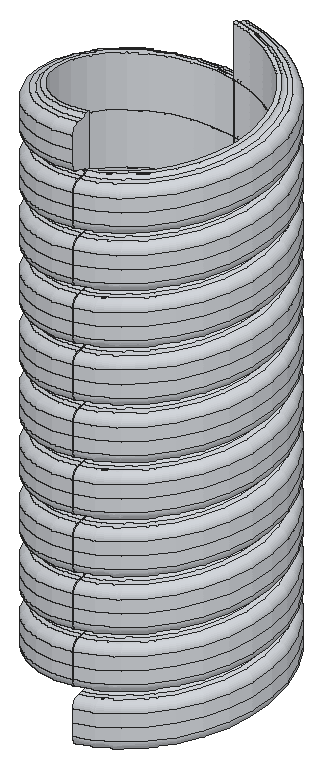
Revit family "110611-00019 Муфта соединительная резьбовая ССД-Пайп 75 мм", category Обобщенные модели, Revit 2019
Family settings
  Может служить основой для арматурных стержней = Нет
  Размер круглого соединителя = Использовать диаметр
  Тип детали = Нормальный
  На основе рабочей плоскости = Нет
  Всегда вертикально = Да
  При загрузке вырезать с полостями = Нет
  Общий = Нет
  Точка расчета площади = Нет
Parameters (values of type "Муфта соединительная резьбовая ССД-Пайп 75 мм")
  Сертификат соответствия = "https://www.ssd.ru/upload/iblock/135/dg0dveb2bt5742u03x0awkefi1rhom8y/ssoot_1302705.pdf"
  Материал = "ПНД"
  Масса бухты, кг = "0,0946"
  Тип соединения = "Резьбовое"
  ADSK_Ссылка на сайт = "https://www.ssd.ru/mufta-soedinitelnaya-rezbovaya-ssd-payp-75-mm"
  ADSK_Наименование = "Муфта соединительная резьбовая ССД-Пайп 75 мм"
  ADSK_Марка = "ССД-Пайп"
  ADSK_Код изделия = "110611-00019"
  ADSK_Изготовитель = "АО \"СВЯЗЬСТРОЙДЕТАЛЬ\""
  ADSK_Диаметр наружный = 83.4 mm
  ADSK_Диаметр внутренний = 68 mm
Reference planes
  plane 1 "По центру (Вперед/Назад)": y = 0
  plane 2: z = 0
  plane 3 "По центру (Влево/Вправо)": x = 0
  plane 4: x = -41.7
  plane 5: x = 41.7
  plane 6: y = 41.7
  plane 7: y = -41.7
  plane 8: x = -34
  plane 9: x = 34
  plane 10: y = 34
  plane 11: y = -34
Forms (mm)
  SweptBlend 1, solid
    path origin (0, 0, -223.095) x (0, 1, 0) y (-1, 0, 0)
      loop
        arc (25.5, 0) -> (0, 25.5) -> (-25.5, 0) r 25.5
    profile origin (0, 25.5, -223.095) x (0, -1, 0) y (0, 0, 1)
      loop
        line (-8.5, 46.577) -> (-10, 46.577)
        arc (-10, 46.577) -> (-10.596, 45.798) -> (-11.491, 45.396) r 2
        line (-11.491, 45.396) -> (-13.349, 45.068)
        arc (-13.349, 45.068) -> (-15.393, 43.888) -> (-16.2, 41.67) r 3.451
        line (-16.2, 41.67) -> (-16.2, 36.927) -> (-16.2, 32.184)
        arc (-16.2, 32.184) -> (-15.393, 29.966) -> (-13.349, 28.786) r 3.451
        line (-13.349, 28.786) -> (-11.491, 28.458)
        arc (-11.491, 28.458) -> (-10.596, 28.056) -> (-10, 27.277) r 2
        line (-10, 27.277) -> (-8.5, 27.277) -> (-8.5, 46.577)
    end profile origin (0, -25.5, -223.095) x (0, 1, 0) y (0, 0, 1)
      loop
        line (-8.5, 65.877) -> (-10, 65.877)
        arc (-10, 65.877) -> (-10.596, 65.098) -> (-11.491, 64.696) r 2
        line (-11.491, 64.696) -> (-13.349, 64.368)
        arc (-13.349, 64.368) -> (-15.393, 63.188) -> (-16.2, 60.97) r 3.451
        line (-16.2, 60.97) -> (-16.2, 56.227) -> (-16.2, 51.484)
        arc (-16.2, 51.484) -> (-15.393, 49.266) -> (-13.349, 48.086) r 3.451
        line (-13.349, 48.086) -> (-11.491, 47.758)
        arc (-11.491, 47.758) -> (-10.596, 47.356) -> (-10, 46.577) r 2
        line (-10, 46.577) -> (-8.5, 46.577) -> (-8.5, 65.877)
  SweptBlend 2, solid
    path origin (0, 0, -223.095) x (0, -1, 0) y (1, 0, 0)
      loop
        arc (25.5, 0) -> (0, 25.5) -> (-25.5, 0) r 25.5
    profile origin (0, -25.5, -223.095) x (0, 1, 0) y (0, 0, 1)
      loop
        line (-8.5, 46.577) -> (-10, 46.577)
        arc (-10, 46.577) -> (-10.596, 45.798) -> (-11.491, 45.396) r 2
        line (-11.491, 45.396) -> (-13.349, 45.068)
        arc (-13.349, 45.068) -> (-15.393, 43.888) -> (-16.2, 41.67) r 3.451
        line (-16.2, 41.67) -> (-16.2, 36.927) -> (-16.2, 32.184)
        arc (-16.2, 32.184) -> (-15.393, 29.966) -> (-13.349, 28.786) r 3.451
        line (-13.349, 28.786) -> (-11.491, 28.458)
        arc (-11.491, 28.458) -> (-10.596, 28.056) -> (-10, 27.277) r 2
        line (-10, 27.277) -> (-8.5, 27.277) -> (-8.5, 46.577)
    end profile origin (0, 25.5, -223.095) x (0, -1, 0) y (0, 0, 1)
      loop
        line (-8.5, 65.877) -> (-10, 65.877)
        arc (-10, 65.877) -> (-10.596, 65.098) -> (-11.491, 64.696) r 2
        line (-11.491, 64.696) -> (-13.349, 64.368)
        arc (-13.349, 64.368) -> (-15.393, 63.188) -> (-16.2, 60.97) r 3.451
        line (-16.2, 60.97) -> (-16.2, 56.227) -> (-16.2, 51.484)
        arc (-16.2, 51.484) -> (-15.393, 49.266) -> (-13.349, 48.086) r 3.451
        line (-13.349, 48.086) -> (-11.491, 47.758)
        arc (-11.491, 47.758) -> (-10.596, 47.356) -> (-10, 46.577) r 2
        line (-10, 46.577) -> (-8.5, 46.577) -> (-8.5, 65.877)
  SweptBlend 3, solid, not visible
    path origin (0, 0, 63.929) x (0, 1, 0) y (-1, 0, 0)
      loop
        arc (25.5, 0) -> (0, 25.5) -> (-25.5, 0) r 25.5
    profile origin (0, 25.5, 63.929) x (0, -1, 0) y (0, 0, 1)
      loop
        line (-8.5, 46.577) -> (-10, 46.577)
        arc (-10, 46.577) -> (-10.596, 45.798) -> (-11.491, 45.396) r 2
        line (-11.491, 45.396) -> (-13.349, 45.068)
        arc (-13.349, 45.068) -> (-15.393, 43.888) -> (-16.2, 41.67) r 3.451
        line (-16.2, 41.67) -> (-16.2, 36.927) -> (-16.2, 32.184)
        arc (-16.2, 32.184) -> (-15.393, 29.966) -> (-13.349, 28.786) r 3.451
        line (-13.349, 28.786) -> (-11.491, 28.458)
        arc (-11.491, 28.458) -> (-10.596, 28.056) -> (-10, 27.277) r 2
        line (-10, 27.277) -> (-8.5, 27.277) -> (-8.5, 46.577)
    end profile origin (0, -25.5, 63.929) x (0, 1, 0) y (0, 0, 1)
      loop
        line (-8.5, 65.877) -> (-10, 65.877)
        arc (-10, 65.877) -> (-10.596, 65.098) -> (-11.491, 64.696) r 2
        line (-11.491, 64.696) -> (-13.349, 64.368)
        arc (-13.349, 64.368) -> (-15.393, 63.188) -> (-16.2, 60.97) r 3.451
        line (-16.2, 60.97) -> (-16.2, 56.227) -> (-16.2, 51.484)
        arc (-16.2, 51.484) -> (-15.393, 49.266) -> (-13.349, 48.086) r 3.451
        line (-13.349, 48.086) -> (-11.491, 47.758)
        arc (-11.491, 47.758) -> (-10.596, 47.356) -> (-10, 46.577) r 2
        line (-10, 46.577) -> (-8.5, 46.577) -> (-8.5, 65.877)
  SweptBlend 4, solid, not visible
    path origin (0, 0, 63.929) x (0, -1, 0) y (1, 0, 0)
      loop
        arc (25.5, 0) -> (0, 25.5) -> (-25.5, 0) r 25.5
    profile origin (0, -25.5, 63.929) x (0, 1, 0) y (0, 0, 1)
      loop
        line (-8.5, 46.577) -> (-10, 46.577)
        arc (-10, 46.577) -> (-10.596, 45.798) -> (-11.491, 45.396) r 2
        line (-11.491, 45.396) -> (-13.349, 45.068)
        arc (-13.349, 45.068) -> (-15.393, 43.888) -> (-16.2, 41.67) r 3.451
        line (-16.2, 41.67) -> (-16.2, 36.927) -> (-16.2, 32.184)
        arc (-16.2, 32.184) -> (-15.393, 29.966) -> (-13.349, 28.786) r 3.451
        line (-13.349, 28.786) -> (-11.491, 28.458)
        arc (-11.491, 28.458) -> (-10.596, 28.056) -> (-10, 27.277) r 2
        line (-10, 27.277) -> (-8.5, 27.277) -> (-8.5, 46.577)
    end profile origin (0, 25.5, 63.929) x (0, -1, 0) y (0, 0, 1)
      loop
        line (-8.5, 65.877) -> (-10, 65.877)
        arc (-10, 65.877) -> (-10.596, 65.098) -> (-11.491, 64.696) r 2
        line (-11.491, 64.696) -> (-13.349, 64.368)
        arc (-13.349, 64.368) -> (-15.393, 63.188) -> (-16.2, 60.97) r 3.451
        line (-16.2, 60.97) -> (-16.2, 56.227) -> (-16.2, 51.484)
        arc (-16.2, 51.484) -> (-15.393, 49.266) -> (-13.349, 48.086) r 3.451
        line (-13.349, 48.086) -> (-11.491, 47.758)
        arc (-11.491, 47.758) -> (-10.596, 47.356) -> (-10, 46.577) r 2
        line (-10, 46.577) -> (-8.5, 46.577) -> (-8.5, 65.877)
  SweptBlend 5, solid
    path origin (0, 0, -203.795) x (0, 1, 0) y (-1, 0, 0)
      loop
        arc (25.5, 0) -> (0, 25.5) -> (-25.5, 0) r 25.5
    profile origin (0, 25.5, -203.795) x (0, -1, 0) y (0, 0, 1)
      loop
        line (-8.5, 46.577) -> (-10, 46.577)
        arc (-10, 46.577) -> (-10.596, 45.798) -> (-11.491, 45.396) r 2
        line (-11.491, 45.396) -> (-13.349, 45.068)
        arc (-13.349, 45.068) -> (-15.393, 43.888) -> (-16.2, 41.67) r 3.451
        line (-16.2, 41.67) -> (-16.2, 36.927) -> (-16.2, 32.184)
        arc (-16.2, 32.184) -> (-15.393, 29.966) -> (-13.349, 28.786) r 3.451
        line (-13.349, 28.786) -> (-11.491, 28.458)
        arc (-11.491, 28.458) -> (-10.596, 28.056) -> (-10, 27.277) r 2
        line (-10, 27.277) -> (-8.5, 27.277) -> (-8.5, 46.577)
    end profile origin (0, -25.5, -203.795) x (0, 1, 0) y (0, 0, 1)
      loop
        line (-8.5, 65.877) -> (-10, 65.877)
        arc (-10, 65.877) -> (-10.596, 65.098) -> (-11.491, 64.696) r 2
        line (-11.491, 64.696) -> (-13.349, 64.368)
        arc (-13.349, 64.368) -> (-15.393, 63.188) -> (-16.2, 60.97) r 3.451
        line (-16.2, 60.97) -> (-16.2, 56.227) -> (-16.2, 51.484)
        arc (-16.2, 51.484) -> (-15.393, 49.266) -> (-13.349, 48.086) r 3.451
        line (-13.349, 48.086) -> (-11.491, 47.758)
        arc (-11.491, 47.758) -> (-10.596, 47.356) -> (-10, 46.577) r 2
        line (-10, 46.577) -> (-8.5, 46.577) -> (-8.5, 65.877)
  SweptBlend 6, solid
    path origin (0, 0, -203.795) x (0, -1, 0) y (1, 0, 0)
      loop
        arc (25.5, 0) -> (0, 25.5) -> (-25.5, 0) r 25.5
    profile origin (0, -25.5, -203.795) x (0, 1, 0) y (0, 0, 1)
      loop
        line (-8.5, 46.577) -> (-10, 46.577)
        arc (-10, 46.577) -> (-10.596, 45.798) -> (-11.491, 45.396) r 2
        line (-11.491, 45.396) -> (-13.349, 45.068)
        arc (-13.349, 45.068) -> (-15.393, 43.888) -> (-16.2, 41.67) r 3.451
        line (-16.2, 41.67) -> (-16.2, 36.927) -> (-16.2, 32.184)
        arc (-16.2, 32.184) -> (-15.393, 29.966) -> (-13.349, 28.786) r 3.451
        line (-13.349, 28.786) -> (-11.491, 28.458)
        arc (-11.491, 28.458) -> (-10.596, 28.056) -> (-10, 27.277) r 2
        line (-10, 27.277) -> (-8.5, 27.277) -> (-8.5, 46.577)
    end profile origin (0, 25.5, -203.795) x (0, -1, 0) y (0, 0, 1)
      loop
        line (-8.5, 65.877) -> (-10, 65.877)
        arc (-10, 65.877) -> (-10.596, 65.098) -> (-11.491, 64.696) r 2
        line (-11.491, 64.696) -> (-13.349, 64.368)
        arc (-13.349, 64.368) -> (-15.393, 63.188) -> (-16.2, 60.97) r 3.451
        line (-16.2, 60.97) -> (-16.2, 56.227) -> (-16.2, 51.484)
        arc (-16.2, 51.484) -> (-15.393, 49.266) -> (-13.349, 48.086) r 3.451
        line (-13.349, 48.086) -> (-11.491, 47.758)
        arc (-11.491, 47.758) -> (-10.596, 47.356) -> (-10, 46.577) r 2
        line (-10, 46.577) -> (-8.5, 46.577) -> (-8.5, 65.877)
  SweptBlend 7, solid
    path origin (0, 0, -184.495) x (0, 1, 0) y (-1, 0, 0)
      loop
        arc (25.5, 0) -> (0, 25.5) -> (-25.5, 0) r 25.5
    profile origin (0, 25.5, -184.495) x (0, -1, 0) y (0, 0, 1)
      loop
        line (-8.5, 46.577) -> (-10, 46.577)
        arc (-10, 46.577) -> (-10.596, 45.798) -> (-11.491, 45.396) r 2
        line (-11.491, 45.396) -> (-13.349, 45.068)
        arc (-13.349, 45.068) -> (-15.393, 43.888) -> (-16.2, 41.67) r 3.451
        line (-16.2, 41.67) -> (-16.2, 36.927) -> (-16.2, 32.184)
        arc (-16.2, 32.184) -> (-15.393, 29.966) -> (-13.349, 28.786) r 3.451
        line (-13.349, 28.786) -> (-11.491, 28.458)
        arc (-11.491, 28.458) -> (-10.596, 28.056) -> (-10, 27.277) r 2
        line (-10, 27.277) -> (-8.5, 27.277) -> (-8.5, 46.577)
    end profile origin (0, -25.5, -184.495) x (0, 1, 0) y (0, 0, 1)
      loop
        line (-8.5, 65.877) -> (-10, 65.877)
        arc (-10, 65.877) -> (-10.596, 65.098) -> (-11.491, 64.696) r 2
        line (-11.491, 64.696) -> (-13.349, 64.368)
        arc (-13.349, 64.368) -> (-15.393, 63.188) -> (-16.2, 60.97) r 3.451
        line (-16.2, 60.97) -> (-16.2, 56.227) -> (-16.2, 51.484)
        arc (-16.2, 51.484) -> (-15.393, 49.266) -> (-13.349, 48.086) r 3.451
        line (-13.349, 48.086) -> (-11.491, 47.758)
        arc (-11.491, 47.758) -> (-10.596, 47.356) -> (-10, 46.577) r 2
        line (-10, 46.577) -> (-8.5, 46.577) -> (-8.5, 65.877)
  SweptBlend 8, solid
    path origin (0, 0, -184.495) x (0, -1, 0) y (1, 0, 0)
      loop
        arc (25.5, 0) -> (0, 25.5) -> (-25.5, 0) r 25.5
    profile origin (0, -25.5, -184.495) x (0, 1, 0) y (0, 0, 1)
      loop
        line (-8.5, 46.577) -> (-10, 46.577)
        arc (-10, 46.577) -> (-10.596, 45.798) -> (-11.491, 45.396) r 2
        line (-11.491, 45.396) -> (-13.349, 45.068)
        arc (-13.349, 45.068) -> (-15.393, 43.888) -> (-16.2, 41.67) r 3.451
        line (-16.2, 41.67) -> (-16.2, 36.927) -> (-16.2, 32.184)
        arc (-16.2, 32.184) -> (-15.393, 29.966) -> (-13.349, 28.786) r 3.451
        line (-13.349, 28.786) -> (-11.491, 28.458)
        arc (-11.491, 28.458) -> (-10.596, 28.056) -> (-10, 27.277) r 2
        line (-10, 27.277) -> (-8.5, 27.277) -> (-8.5, 46.577)
    end profile origin (0, 25.5, -184.495) x (0, -1, 0) y (0, 0, 1)
      loop
        line (-8.5, 65.877) -> (-10, 65.877)
        arc (-10, 65.877) -> (-10.596, 65.098) -> (-11.491, 64.696) r 2
        line (-11.491, 64.696) -> (-13.349, 64.368)
        arc (-13.349, 64.368) -> (-15.393, 63.188) -> (-16.2, 60.97) r 3.451
        line (-16.2, 60.97) -> (-16.2, 56.227) -> (-16.2, 51.484)
        arc (-16.2, 51.484) -> (-15.393, 49.266) -> (-13.349, 48.086) r 3.451
        line (-13.349, 48.086) -> (-11.491, 47.758)
        arc (-11.491, 47.758) -> (-10.596, 47.356) -> (-10, 46.577) r 2
        line (-10, 46.577) -> (-8.5, 46.577) -> (-8.5, 65.877)
  SweptBlend 9, solid
    path origin (0, 0, -165.195) x (0, 1, 0) y (-1, 0, 0)
      loop
        arc (25.5, 0) -> (0, 25.5) -> (-25.5, 0) r 25.5
    profile origin (0, 25.5, -165.195) x (0, -1, 0) y (0, 0, 1)
      loop
        line (-8.5, 46.577) -> (-10, 46.577)
        arc (-10, 46.577) -> (-10.596, 45.798) -> (-11.491, 45.396) r 2
        line (-11.491, 45.396) -> (-13.349, 45.068)
        arc (-13.349, 45.068) -> (-15.393, 43.888) -> (-16.2, 41.67) r 3.451
        line (-16.2, 41.67) -> (-16.2, 36.927) -> (-16.2, 32.184)
        arc (-16.2, 32.184) -> (-15.393, 29.966) -> (-13.349, 28.786) r 3.451
        line (-13.349, 28.786) -> (-11.491, 28.458)
        arc (-11.491, 28.458) -> (-10.596, 28.056) -> (-10, 27.277) r 2
        line (-10, 27.277) -> (-8.5, 27.277) -> (-8.5, 46.577)
    end profile origin (0, -25.5, -165.195) x (0, 1, 0) y (0, 0, 1)
      loop
        line (-8.5, 65.877) -> (-10, 65.877)
        arc (-10, 65.877) -> (-10.596, 65.098) -> (-11.491, 64.696) r 2
        line (-11.491, 64.696) -> (-13.349, 64.368)
        arc (-13.349, 64.368) -> (-15.393, 63.188) -> (-16.2, 60.97) r 3.451
        line (-16.2, 60.97) -> (-16.2, 56.227) -> (-16.2, 51.484)
        arc (-16.2, 51.484) -> (-15.393, 49.266) -> (-13.349, 48.086) r 3.451
        line (-13.349, 48.086) -> (-11.491, 47.758)
        arc (-11.491, 47.758) -> (-10.596, 47.356) -> (-10, 46.577) r 2
        line (-10, 46.577) -> (-8.5, 46.577) -> (-8.5, 65.877)
  SweptBlend 10, solid
    path origin (0, 0, -165.195) x (0, -1, 0) y (1, 0, 0)
      loop
        arc (25.5, 0) -> (0, 25.5) -> (-25.5, 0) r 25.5
    profile origin (0, -25.5, -165.195) x (0, 1, 0) y (0, 0, 1)
      loop
        line (-8.5, 46.577) -> (-10, 46.577)
        arc (-10, 46.577) -> (-10.596, 45.798) -> (-11.491, 45.396) r 2
        line (-11.491, 45.396) -> (-13.349, 45.068)
        arc (-13.349, 45.068) -> (-15.393, 43.888) -> (-16.2, 41.67) r 3.451
        line (-16.2, 41.67) -> (-16.2, 36.927) -> (-16.2, 32.184)
        arc (-16.2, 32.184) -> (-15.393, 29.966) -> (-13.349, 28.786) r 3.451
        line (-13.349, 28.786) -> (-11.491, 28.458)
        arc (-11.491, 28.458) -> (-10.596, 28.056) -> (-10, 27.277) r 2
        line (-10, 27.277) -> (-8.5, 27.277) -> (-8.5, 46.577)
    end profile origin (0, 25.5, -165.195) x (0, -1, 0) y (0, 0, 1)
      loop
        line (-8.5, 65.877) -> (-10, 65.877)
        arc (-10, 65.877) -> (-10.596, 65.098) -> (-11.491, 64.696) r 2
        line (-11.491, 64.696) -> (-13.349, 64.368)
        arc (-13.349, 64.368) -> (-15.393, 63.188) -> (-16.2, 60.97) r 3.451
        line (-16.2, 60.97) -> (-16.2, 56.227) -> (-16.2, 51.484)
        arc (-16.2, 51.484) -> (-15.393, 49.266) -> (-13.349, 48.086) r 3.451
        line (-13.349, 48.086) -> (-11.491, 47.758)
        arc (-11.491, 47.758) -> (-10.596, 47.356) -> (-10, 46.577) r 2
        line (-10, 46.577) -> (-8.5, 46.577) -> (-8.5, 65.877)
  SweptBlend 11, solid
    path origin (0, 0, -145.895) x (0, 1, 0) y (-1, 0, 0)
      loop
        arc (25.5, 0) -> (0, 25.5) -> (-25.5, 0) r 25.5
    profile origin (0, 25.5, -145.895) x (0, -1, 0) y (0, 0, 1)
      loop
        line (-8.5, 46.577) -> (-10, 46.577)
        arc (-10, 46.577) -> (-10.596, 45.798) -> (-11.491, 45.396) r 2
        line (-11.491, 45.396) -> (-13.349, 45.068)
        arc (-13.349, 45.068) -> (-15.393, 43.888) -> (-16.2, 41.67) r 3.451
        line (-16.2, 41.67) -> (-16.2, 36.927) -> (-16.2, 32.184)
        arc (-16.2, 32.184) -> (-15.393, 29.966) -> (-13.349, 28.786) r 3.451
        line (-13.349, 28.786) -> (-11.491, 28.458)
        arc (-11.491, 28.458) -> (-10.596, 28.056) -> (-10, 27.277) r 2
        line (-10, 27.277) -> (-8.5, 27.277) -> (-8.5, 46.577)
    end profile origin (0, -25.5, -145.895) x (0, 1, 0) y (0, 0, 1)
      loop
        line (-8.5, 65.877) -> (-10, 65.877)
        arc (-10, 65.877) -> (-10.596, 65.098) -> (-11.491, 64.696) r 2
        line (-11.491, 64.696) -> (-13.349, 64.368)
        arc (-13.349, 64.368) -> (-15.393, 63.188) -> (-16.2, 60.97) r 3.451
        line (-16.2, 60.97) -> (-16.2, 56.227) -> (-16.2, 51.484)
        arc (-16.2, 51.484) -> (-15.393, 49.266) -> (-13.349, 48.086) r 3.451
        line (-13.349, 48.086) -> (-11.491, 47.758)
        arc (-11.491, 47.758) -> (-10.596, 47.356) -> (-10, 46.577) r 2
        line (-10, 46.577) -> (-8.5, 46.577) -> (-8.5, 65.877)
  SweptBlend 12, solid
    path origin (0, 0, -145.895) x (0, -1, 0) y (1, 0, 0)
      loop
        arc (25.5, 0) -> (0, 25.5) -> (-25.5, 0) r 25.5
    profile origin (0, -25.5, -145.895) x (0, 1, 0) y (0, 0, 1)
      loop
        line (-8.5, 46.577) -> (-10, 46.577)
        arc (-10, 46.577) -> (-10.596, 45.798) -> (-11.491, 45.396) r 2
        line (-11.491, 45.396) -> (-13.349, 45.068)
        arc (-13.349, 45.068) -> (-15.393, 43.888) -> (-16.2, 41.67) r 3.451
        line (-16.2, 41.67) -> (-16.2, 36.927) -> (-16.2, 32.184)
        arc (-16.2, 32.184) -> (-15.393, 29.966) -> (-13.349, 28.786) r 3.451
        line (-13.349, 28.786) -> (-11.491, 28.458)
        arc (-11.491, 28.458) -> (-10.596, 28.056) -> (-10, 27.277) r 2
        line (-10, 27.277) -> (-8.5, 27.277) -> (-8.5, 46.577)
    end profile origin (0, 25.5, -145.895) x (0, -1, 0) y (0, 0, 1)
      loop
        line (-8.5, 65.877) -> (-10, 65.877)
        arc (-10, 65.877) -> (-10.596, 65.098) -> (-11.491, 64.696) r 2
        line (-11.491, 64.696) -> (-13.349, 64.368)
        arc (-13.349, 64.368) -> (-15.393, 63.188) -> (-16.2, 60.97) r 3.451
        line (-16.2, 60.97) -> (-16.2, 56.227) -> (-16.2, 51.484)
        arc (-16.2, 51.484) -> (-15.393, 49.266) -> (-13.349, 48.086) r 3.451
        line (-13.349, 48.086) -> (-11.491, 47.758)
        arc (-11.491, 47.758) -> (-10.596, 47.356) -> (-10, 46.577) r 2
        line (-10, 46.577) -> (-8.5, 46.577) -> (-8.5, 65.877)
  SweptBlend 13, solid
    path origin (0, 0, -126.595) x (0, 1, 0) y (-1, 0, 0)
      loop
        arc (25.5, 0) -> (0, 25.5) -> (-25.5, 0) r 25.5
    profile origin (0, 25.5, -126.595) x (0, -1, 0) y (0, 0, 1)
      loop
        line (-8.5, 46.577) -> (-10, 46.577)
        arc (-10, 46.577) -> (-10.596, 45.798) -> (-11.491, 45.396) r 2
        line (-11.491, 45.396) -> (-13.349, 45.068)
        arc (-13.349, 45.068) -> (-15.393, 43.888) -> (-16.2, 41.67) r 3.451
        line (-16.2, 41.67) -> (-16.2, 36.927) -> (-16.2, 32.184)
        arc (-16.2, 32.184) -> (-15.393, 29.966) -> (-13.349, 28.786) r 3.451
        line (-13.349, 28.786) -> (-11.491, 28.458)
        arc (-11.491, 28.458) -> (-10.596, 28.056) -> (-10, 27.277) r 2
        line (-10, 27.277) -> (-8.5, 27.277) -> (-8.5, 46.577)
    end profile origin (0, -25.5, -126.595) x (0, 1, 0) y (0, 0, 1)
      loop
        line (-8.5, 65.877) -> (-10, 65.877)
        arc (-10, 65.877) -> (-10.596, 65.098) -> (-11.491, 64.696) r 2
        line (-11.491, 64.696) -> (-13.349, 64.368)
        arc (-13.349, 64.368) -> (-15.393, 63.188) -> (-16.2, 60.97) r 3.451
        line (-16.2, 60.97) -> (-16.2, 56.227) -> (-16.2, 51.484)
        arc (-16.2, 51.484) -> (-15.393, 49.266) -> (-13.349, 48.086) r 3.451
        line (-13.349, 48.086) -> (-11.491, 47.758)
        arc (-11.491, 47.758) -> (-10.596, 47.356) -> (-10, 46.577) r 2
        line (-10, 46.577) -> (-8.5, 46.577) -> (-8.5, 65.877)
  SweptBlend 14, solid
    path origin (0, 0, -126.595) x (0, -1, 0) y (1, 0, 0)
      loop
        arc (25.5, 0) -> (0, 25.5) -> (-25.5, 0) r 25.5
    profile origin (0, -25.5, -126.595) x (0, 1, 0) y (0, 0, 1)
      loop
        line (-8.5, 46.577) -> (-10, 46.577)
        arc (-10, 46.577) -> (-10.596, 45.798) -> (-11.491, 45.396) r 2
        line (-11.491, 45.396) -> (-13.349, 45.068)
        arc (-13.349, 45.068) -> (-15.393, 43.888) -> (-16.2, 41.67) r 3.451
        line (-16.2, 41.67) -> (-16.2, 36.927) -> (-16.2, 32.184)
        arc (-16.2, 32.184) -> (-15.393, 29.966) -> (-13.349, 28.786) r 3.451
        line (-13.349, 28.786) -> (-11.491, 28.458)
        arc (-11.491, 28.458) -> (-10.596, 28.056) -> (-10, 27.277) r 2
        line (-10, 27.277) -> (-8.5, 27.277) -> (-8.5, 46.577)
    end profile origin (0, 25.5, -126.595) x (0, -1, 0) y (0, 0, 1)
      loop
        line (-8.5, 65.877) -> (-10, 65.877)
        arc (-10, 65.877) -> (-10.596, 65.098) -> (-11.491, 64.696) r 2
        line (-11.491, 64.696) -> (-13.349, 64.368)
        arc (-13.349, 64.368) -> (-15.393, 63.188) -> (-16.2, 60.97) r 3.451
        line (-16.2, 60.97) -> (-16.2, 56.227) -> (-16.2, 51.484)
        arc (-16.2, 51.484) -> (-15.393, 49.266) -> (-13.349, 48.086) r 3.451
        line (-13.349, 48.086) -> (-11.491, 47.758)
        arc (-11.491, 47.758) -> (-10.596, 47.356) -> (-10, 46.577) r 2
        line (-10, 46.577) -> (-8.5, 46.577) -> (-8.5, 65.877)
  SweptBlend 15, solid
    path origin (0, 0, -107.295) x (0, 1, 0) y (-1, 0, 0)
      loop
        arc (25.5, 0) -> (0, 25.5) -> (-25.5, 0) r 25.5
    profile origin (0, 25.5, -107.295) x (0, -1, 0) y (0, 0, 1)
      loop
        line (-8.5, 46.577) -> (-10, 46.577)
        arc (-10, 46.577) -> (-10.596, 45.798) -> (-11.491, 45.396) r 2
        line (-11.491, 45.396) -> (-13.349, 45.068)
        arc (-13.349, 45.068) -> (-15.393, 43.888) -> (-16.2, 41.67) r 3.451
        line (-16.2, 41.67) -> (-16.2, 36.927) -> (-16.2, 32.184)
        arc (-16.2, 32.184) -> (-15.393, 29.966) -> (-13.349, 28.786) r 3.451
        line (-13.349, 28.786) -> (-11.491, 28.458)
        arc (-11.491, 28.458) -> (-10.596, 28.056) -> (-10, 27.277) r 2
        line (-10, 27.277) -> (-8.5, 27.277) -> (-8.5, 46.577)
    end profile origin (0, -25.5, -107.295) x (0, 1, 0) y (0, 0, 1)
      loop
        line (-8.5, 65.877) -> (-10, 65.877)
        arc (-10, 65.877) -> (-10.596, 65.098) -> (-11.491, 64.696) r 2
        line (-11.491, 64.696) -> (-13.349, 64.368)
        arc (-13.349, 64.368) -> (-15.393, 63.188) -> (-16.2, 60.97) r 3.451
        line (-16.2, 60.97) -> (-16.2, 56.227) -> (-16.2, 51.484)
        arc (-16.2, 51.484) -> (-15.393, 49.266) -> (-13.349, 48.086) r 3.451
        line (-13.349, 48.086) -> (-11.491, 47.758)
        arc (-11.491, 47.758) -> (-10.596, 47.356) -> (-10, 46.577) r 2
        line (-10, 46.577) -> (-8.5, 46.577) -> (-8.5, 65.877)
  SweptBlend 16, solid
    path origin (0, 0, -107.295) x (0, -1, 0) y (1, 0, 0)
      loop
        arc (25.5, 0) -> (0, 25.5) -> (-25.5, 0) r 25.5
    profile origin (0, -25.5, -107.295) x (0, 1, 0) y (0, 0, 1)
      loop
        line (-8.5, 46.577) -> (-10, 46.577)
        arc (-10, 46.577) -> (-10.596, 45.798) -> (-11.491, 45.396) r 2
        line (-11.491, 45.396) -> (-13.349, 45.068)
        arc (-13.349, 45.068) -> (-15.393, 43.888) -> (-16.2, 41.67) r 3.451
        line (-16.2, 41.67) -> (-16.2, 36.927) -> (-16.2, 32.184)
        arc (-16.2, 32.184) -> (-15.393, 29.966) -> (-13.349, 28.786) r 3.451
        line (-13.349, 28.786) -> (-11.491, 28.458)
        arc (-11.491, 28.458) -> (-10.596, 28.056) -> (-10, 27.277) r 2
        line (-10, 27.277) -> (-8.5, 27.277) -> (-8.5, 46.577)
    end profile origin (0, 25.5, -107.295) x (0, -1, 0) y (0, 0, 1)
      loop
        line (-8.5, 65.877) -> (-10, 65.877)
        arc (-10, 65.877) -> (-10.596, 65.098) -> (-11.491, 64.696) r 2
        line (-11.491, 64.696) -> (-13.349, 64.368)
        arc (-13.349, 64.368) -> (-15.393, 63.188) -> (-16.2, 60.97) r 3.451
        line (-16.2, 60.97) -> (-16.2, 56.227) -> (-16.2, 51.484)
        arc (-16.2, 51.484) -> (-15.393, 49.266) -> (-13.349, 48.086) r 3.451
        line (-13.349, 48.086) -> (-11.491, 47.758)
        arc (-11.491, 47.758) -> (-10.596, 47.356) -> (-10, 46.577) r 2
        line (-10, 46.577) -> (-8.5, 46.577) -> (-8.5, 65.877)
  SweptBlend 17, solid
    path origin (0, 0, -87.995) x (0, 1, 0) y (-1, 0, 0)
      loop
        arc (25.5, 0) -> (0, 25.5) -> (-25.5, 0) r 25.5
    profile origin (0, 25.5, -87.995) x (0, -1, 0) y (0, 0, 1)
      loop
        line (-8.5, 46.577) -> (-10, 46.577)
        arc (-10, 46.577) -> (-10.596, 45.798) -> (-11.491, 45.396) r 2
        line (-11.491, 45.396) -> (-13.349, 45.068)
        arc (-13.349, 45.068) -> (-15.393, 43.888) -> (-16.2, 41.67) r 3.451
        line (-16.2, 41.67) -> (-16.2, 36.927) -> (-16.2, 32.184)
        arc (-16.2, 32.184) -> (-15.393, 29.966) -> (-13.349, 28.786) r 3.451
        line (-13.349, 28.786) -> (-11.491, 28.458)
        arc (-11.491, 28.458) -> (-10.596, 28.056) -> (-10, 27.277) r 2
        line (-10, 27.277) -> (-8.5, 27.277) -> (-8.5, 46.577)
    end profile origin (0, -25.5, -87.995) x (0, 1, 0) y (0, 0, 1)
      loop
        line (-8.5, 65.877) -> (-10, 65.877)
        arc (-10, 65.877) -> (-10.596, 65.098) -> (-11.491, 64.696) r 2
        line (-11.491, 64.696) -> (-13.349, 64.368)
        arc (-13.349, 64.368) -> (-15.393, 63.188) -> (-16.2, 60.97) r 3.451
        line (-16.2, 60.97) -> (-16.2, 56.227) -> (-16.2, 51.484)
        arc (-16.2, 51.484) -> (-15.393, 49.266) -> (-13.349, 48.086) r 3.451
        line (-13.349, 48.086) -> (-11.491, 47.758)
        arc (-11.491, 47.758) -> (-10.596, 47.356) -> (-10, 46.577) r 2
        line (-10, 46.577) -> (-8.5, 46.577) -> (-8.5, 65.877)
  SweptBlend 18, solid
    path origin (0, 0, -87.995) x (0, -1, 0) y (1, 0, 0)
      loop
        arc (25.5, 0) -> (0, 25.5) -> (-25.5, 0) r 25.5
    profile origin (0, -25.5, -87.995) x (0, 1, 0) y (0, 0, 1)
      loop
        line (-8.5, 46.577) -> (-10, 46.577)
        arc (-10, 46.577) -> (-10.596, 45.798) -> (-11.491, 45.396) r 2
        line (-11.491, 45.396) -> (-13.349, 45.068)
        arc (-13.349, 45.068) -> (-15.393, 43.888) -> (-16.2, 41.67) r 3.451
        line (-16.2, 41.67) -> (-16.2, 36.927) -> (-16.2, 32.184)
        arc (-16.2, 32.184) -> (-15.393, 29.966) -> (-13.349, 28.786) r 3.451
        line (-13.349, 28.786) -> (-11.491, 28.458)
        arc (-11.491, 28.458) -> (-10.596, 28.056) -> (-10, 27.277) r 2
        line (-10, 27.277) -> (-8.5, 27.277) -> (-8.5, 46.577)
    end profile origin (0, 25.5, -87.995) x (0, -1, 0) y (0, 0, 1)
      loop
        line (-8.5, 65.877) -> (-10, 65.877)
        arc (-10, 65.877) -> (-10.596, 65.098) -> (-11.491, 64.696) r 2
        line (-11.491, 64.696) -> (-13.349, 64.368)
        arc (-13.349, 64.368) -> (-15.393, 63.188) -> (-16.2, 60.97) r 3.451
        line (-16.2, 60.97) -> (-16.2, 56.227) -> (-16.2, 51.484)
        arc (-16.2, 51.484) -> (-15.393, 49.266) -> (-13.349, 48.086) r 3.451
        line (-13.349, 48.086) -> (-11.491, 47.758)
        arc (-11.491, 47.758) -> (-10.596, 47.356) -> (-10, 46.577) r 2
        line (-10, 46.577) -> (-8.5, 46.577) -> (-8.5, 65.877)
  SweptBlend 19, solid
    path origin (0, 0, -68.695) x (0, 1, 0) y (-1, 0, 0)
      loop
        arc (25.5, 0) -> (0, 25.5) -> (-25.5, 0) r 25.5
    profile origin (0, 25.5, -68.695) x (0, -1, 0) y (0, 0, 1)
      loop
        line (-8.5, 46.577) -> (-10, 46.577)
        arc (-10, 46.577) -> (-10.596, 45.798) -> (-11.491, 45.396) r 2
        line (-11.491, 45.396) -> (-13.349, 45.068)
        arc (-13.349, 45.068) -> (-15.393, 43.888) -> (-16.2, 41.67) r 3.451
        line (-16.2, 41.67) -> (-16.2, 36.927) -> (-16.2, 32.184)
        arc (-16.2, 32.184) -> (-15.393, 29.966) -> (-13.349, 28.786) r 3.451
        line (-13.349, 28.786) -> (-11.491, 28.458)
        arc (-11.491, 28.458) -> (-10.596, 28.056) -> (-10, 27.277) r 2
        line (-10, 27.277) -> (-8.5, 27.277) -> (-8.5, 46.577)
    end profile origin (0, -25.5, -68.695) x (0, 1, 0) y (0, 0, 1)
      loop
        line (-8.5, 65.877) -> (-10, 65.877)
        arc (-10, 65.877) -> (-10.596, 65.098) -> (-11.491, 64.696) r 2
        line (-11.491, 64.696) -> (-13.349, 64.368)
        arc (-13.349, 64.368) -> (-15.393, 63.188) -> (-16.2, 60.97) r 3.451
        line (-16.2, 60.97) -> (-16.2, 56.227) -> (-16.2, 51.484)
        arc (-16.2, 51.484) -> (-15.393, 49.266) -> (-13.349, 48.086) r 3.451
        line (-13.349, 48.086) -> (-11.491, 47.758)
        arc (-11.491, 47.758) -> (-10.596, 47.356) -> (-10, 46.577) r 2
        line (-10, 46.577) -> (-8.5, 46.577) -> (-8.5, 65.877)
  SweptBlend 20, solid
    path origin (0, 0, -68.695) x (0, -1, 0) y (1, 0, 0)
      loop
        arc (25.5, 0) -> (0, 25.5) -> (-25.5, 0) r 25.5
    profile origin (0, -25.5, -68.695) x (0, 1, 0) y (0, 0, 1)
      loop
        line (-8.5, 46.577) -> (-10, 46.577)
        arc (-10, 46.577) -> (-10.596, 45.798) -> (-11.491, 45.396) r 2
        line (-11.491, 45.396) -> (-13.349, 45.068)
        arc (-13.349, 45.068) -> (-15.393, 43.888) -> (-16.2, 41.67) r 3.451
        line (-16.2, 41.67) -> (-16.2, 36.927) -> (-16.2, 32.184)
        arc (-16.2, 32.184) -> (-15.393, 29.966) -> (-13.349, 28.786) r 3.451
        line (-13.349, 28.786) -> (-11.491, 28.458)
        arc (-11.491, 28.458) -> (-10.596, 28.056) -> (-10, 27.277) r 2
        line (-10, 27.277) -> (-8.5, 27.277) -> (-8.5, 46.577)
    end profile origin (0, 25.5, -68.695) x (0, -1, 0) y (0, 0, 1)
      loop
        line (-8.5, 65.877) -> (-10, 65.877)
        arc (-10, 65.877) -> (-10.596, 65.098) -> (-11.491, 64.696) r 2
        line (-11.491, 64.696) -> (-13.349, 64.368)
        arc (-13.349, 64.368) -> (-15.393, 63.188) -> (-16.2, 60.97) r 3.451
        line (-16.2, 60.97) -> (-16.2, 56.227) -> (-16.2, 51.484)
        arc (-16.2, 51.484) -> (-15.393, 49.266) -> (-13.349, 48.086) r 3.451
        line (-13.349, 48.086) -> (-11.491, 47.758)
        arc (-11.491, 47.758) -> (-10.596, 47.356) -> (-10, 46.577) r 2
        line (-10, 46.577) -> (-8.5, 46.577) -> (-8.5, 65.877)
  SweptBlend 21, solid
    path origin (0, 0, -49.395) x (0, 1, 0) y (-1, 0, 0)
      loop
        arc (25.5, 0) -> (0, 25.5) -> (-25.5, 0) r 25.5
    profile origin (0, 25.5, -49.395) x (0, -1, 0) y (0, 0, 1)
      loop
        line (-8.5, 46.577) -> (-10, 46.577)
        arc (-10, 46.577) -> (-10.596, 45.798) -> (-11.491, 45.396) r 2
        line (-11.491, 45.396) -> (-13.349, 45.068)
        arc (-13.349, 45.068) -> (-15.393, 43.888) -> (-16.2, 41.67) r 3.451
        line (-16.2, 41.67) -> (-16.2, 36.927) -> (-16.2, 32.184)
        arc (-16.2, 32.184) -> (-15.393, 29.966) -> (-13.349, 28.786) r 3.451
        line (-13.349, 28.786) -> (-11.491, 28.458)
        arc (-11.491, 28.458) -> (-10.596, 28.056) -> (-10, 27.277) r 2
        line (-10, 27.277) -> (-8.5, 27.277) -> (-8.5, 46.577)
    end profile origin (0, -25.5, -49.395) x (0, 1, 0) y (0, 0, 1)
      loop
        line (-8.5, 65.877) -> (-10, 65.877)
        arc (-10, 65.877) -> (-10.596, 65.098) -> (-11.491, 64.696) r 2
        line (-11.491, 64.696) -> (-13.349, 64.368)
        arc (-13.349, 64.368) -> (-15.393, 63.188) -> (-16.2, 60.97) r 3.451
        line (-16.2, 60.97) -> (-16.2, 56.227) -> (-16.2, 51.484)
        arc (-16.2, 51.484) -> (-15.393, 49.266) -> (-13.349, 48.086) r 3.451
        line (-13.349, 48.086) -> (-11.491, 47.758)
        arc (-11.491, 47.758) -> (-10.596, 47.356) -> (-10, 46.577) r 2
        line (-10, 46.577) -> (-8.5, 46.577) -> (-8.5, 65.877)
  SweptBlend 22, solid
    path origin (0, 0, -49.395) x (0, -1, 0) y (1, 0, 0)
      loop
        arc (25.5, 0) -> (0, 25.5) -> (-25.5, 0) r 25.5
    profile origin (0, -25.5, -49.395) x (0, 1, 0) y (0, 0, 1)
      loop
        line (-8.5, 46.577) -> (-10, 46.577)
        arc (-10, 46.577) -> (-10.596, 45.798) -> (-11.491, 45.396) r 2
        line (-11.491, 45.396) -> (-13.349, 45.068)
        arc (-13.349, 45.068) -> (-15.393, 43.888) -> (-16.2, 41.67) r 3.451
        line (-16.2, 41.67) -> (-16.2, 36.927) -> (-16.2, 32.184)
        arc (-16.2, 32.184) -> (-15.393, 29.966) -> (-13.349, 28.786) r 3.451
        line (-13.349, 28.786) -> (-11.491, 28.458)
        arc (-11.491, 28.458) -> (-10.596, 28.056) -> (-10, 27.277) r 2
        line (-10, 27.277) -> (-8.5, 27.277) -> (-8.5, 46.577)
    end profile origin (0, 25.5, -49.395) x (0, -1, 0) y (0, 0, 1)
      loop
        line (-8.5, 65.877) -> (-10, 65.877)
        arc (-10, 65.877) -> (-10.596, 65.098) -> (-11.491, 64.696) r 2
        line (-11.491, 64.696) -> (-13.349, 64.368)
        arc (-13.349, 64.368) -> (-15.393, 63.188) -> (-16.2, 60.97) r 3.451
        line (-16.2, 60.97) -> (-16.2, 56.227) -> (-16.2, 51.484)
        arc (-16.2, 51.484) -> (-15.393, 49.266) -> (-13.349, 48.086) r 3.451
        line (-13.349, 48.086) -> (-11.491, 47.758)
        arc (-11.491, 47.758) -> (-10.596, 47.356) -> (-10, 46.577) r 2
        line (-10, 46.577) -> (-8.5, 46.577) -> (-8.5, 65.877)
Dimensions and locks
  "ADSK_Диаметр наружный": plane 4 to plane 5
  equal spacing: plane 4, plane 3 "По центру (Влево/Вправо)", plane 5
  "ADSK_Диаметр наружный": plane 6 to plane 7
  "ADSK_Диаметр внутренний": plane 8 to plane 9
  equal spacing: plane 8, plane 3 "По центру (Влево/Вправо)", plane 9
  "ADSK_Диаметр внутренний": plane 10 to plane 11
  equal spacing: plane 10, plane 1 "По центру (Вперед/Назад)", plane 11
  equal spacing: plane 6, plane 1 "По центру (Вперед/Назад)", plane 7
  equal spacing: group 2, group 5, group 7, group 9, group 11, group 13, group 15, group 17, group 19, group 21  (x3)
  radius of SweptBlend 1 sketch curve = 25.5 mm
  radius of SweptBlend 2 sketch curve = 25.5 mm
  radius of SweptBlend 3 sketch curve = 25.5 mm
  radius of SweptBlend 4 sketch curve = 25.5 mm
  radius of SweptBlend 5 sketch curve = 25.5 mm
  radius of SweptBlend 6 sketch curve = 25.5 mm
  radius of SweptBlend 7 sketch curve = 25.5 mm
  radius of SweptBlend 8 sketch curve = 25.5 mm
  radius of SweptBlend 9 sketch curve = 25.5 mm
  radius of SweptBlend 10 sketch curve = 25.5 mm
  radius of SweptBlend 11 sketch curve = 25.5 mm
  radius of SweptBlend 12 sketch curve = 25.5 mm
  radius of SweptBlend 13 sketch curve = 25.5 mm
  radius of SweptBlend 14 sketch curve = 25.5 mm
  radius of SweptBlend 15 sketch curve = 25.5 mm
  radius of SweptBlend 16 sketch curve = 25.5 mm
  radius of SweptBlend 17 sketch curve = 25.5 mm
  radius of SweptBlend 18 sketch curve = 25.5 mm
  radius of SweptBlend 19 sketch curve = 25.5 mm
  radius of SweptBlend 20 sketch curve = 25.5 mm
  radius of SweptBlend 21 sketch curve = 25.5 mm
  radius of SweptBlend 22 sketch curve = 25.5 mm
  aligned and locked: level to plane 2
Automatic sketch dimensions
  profile plane to SweptBlend 2 sketch curve = 16.2 mm  (x2)
  SweptBlend 2 sketch curve to SweptBlend 2 sketch curve = 2.851 mm  (x4)
  SweptBlend 2 sketch curve to SweptBlend 2 sketch curve = 3.451 mm  (x4)
  SweptBlend 2 sketch curve to SweptBlend 2 sketch curve = 1.511 mm  (x4)
  SweptBlend 2 sketch curve to SweptBlend 2 sketch curve = 1.858 mm  (x4)
  SweptBlend 2 sketch curve to SweptBlend 2 sketch curve = 1.491 mm  (x4)
  SweptBlend 2 sketch curve to SweptBlend 2 sketch curve = 1.5 mm  (x2)
  profile plane to SweptBlend 2 sketch curve = 26.489 mm
  SweptBlend 2 sketch curve to SweptBlend 2 sketch curve = 0.788 mm  (x2)
  SweptBlend 2 sketch curve to SweptBlend 2 sketch curve = 0.328 mm  (x4)
  SweptBlend 2 sketch curve to SweptBlend 2 sketch curve = 4.743 mm  (x4)
  SweptBlend 2 sketch curve to SweptBlend 2 sketch curve = 1.181 mm  (x2)
  profile plane to SweptBlend 2 sketch curve = 45.789 mm
  profile plane to SweptBlend 4 sketch curve = 16.2 mm  (x2)
  SweptBlend 4 sketch curve to SweptBlend 4 sketch curve = 2.851 mm  (x4)
  SweptBlend 4 sketch curve to SweptBlend 4 sketch curve = 3.451 mm  (x4)
  SweptBlend 4 sketch curve to SweptBlend 4 sketch curve = 1.511 mm  (x4)
  SweptBlend 4 sketch curve to SweptBlend 4 sketch curve = 1.858 mm  (x4)
  SweptBlend 4 sketch curve to SweptBlend 4 sketch curve = 1.491 mm  (x4)
  SweptBlend 4 sketch curve to SweptBlend 4 sketch curve = 1.5 mm  (x2)
  profile plane to SweptBlend 4 sketch curve = 26.489 mm
  SweptBlend 4 sketch curve to SweptBlend 4 sketch curve = 0.788 mm  (x2)
  SweptBlend 4 sketch curve to SweptBlend 4 sketch curve = 0.328 mm  (x4)
  SweptBlend 4 sketch curve to SweptBlend 4 sketch curve = 4.743 mm  (x4)
  SweptBlend 4 sketch curve to SweptBlend 4 sketch curve = 1.181 mm  (x2)
  profile plane to SweptBlend 4 sketch curve = 45.789 mm
  profile plane to SweptBlend 1 sketch curve = 16.2 mm  (x2)
  SweptBlend 1 sketch curve to SweptBlend 1 sketch curve = 2.851 mm  (x3)
  SweptBlend 1 sketch curve to SweptBlend 1 sketch curve = 3.451 mm  (x2)
  SweptBlend 1 sketch curve to SweptBlend 1 sketch curve = 1.511 mm  (x4)
  SweptBlend 1 sketch curve to SweptBlend 1 sketch curve = 1.858 mm  (x4)
  SweptBlend 1 sketch curve to SweptBlend 1 sketch curve = 1.491 mm  (x3)
  SweptBlend 1 sketch curve to SweptBlend 1 sketch curve = 1.5 mm  (x3)
  profile plane to SweptBlend 1 sketch curve = 26.489 mm
  SweptBlend 1 sketch curve to SweptBlend 1 sketch curve = 0.788 mm  (x3)
  SweptBlend 1 sketch curve to SweptBlend 1 sketch curve = 0.328 mm  (x4)
  SweptBlend 1 sketch curve to SweptBlend 1 sketch curve = 4.743 mm  (x4)
  SweptBlend 1 sketch curve to SweptBlend 1 sketch curve = 1.509 mm
  profile plane to SweptBlend 3 sketch curve = 16.2 mm  (x2)
  SweptBlend 3 sketch curve to SweptBlend 3 sketch curve = 2.851 mm  (x3)
  SweptBlend 3 sketch curve to SweptBlend 3 sketch curve = 3.451 mm  (x2)
  SweptBlend 3 sketch curve to SweptBlend 3 sketch curve = 1.511 mm  (x4)
  SweptBlend 3 sketch curve to SweptBlend 3 sketch curve = 1.858 mm  (x4)
  SweptBlend 3 sketch curve to SweptBlend 3 sketch curve = 1.491 mm  (x3)
  SweptBlend 3 sketch curve to SweptBlend 3 sketch curve = 1.5 mm  (x3)
  profile plane to SweptBlend 3 sketch curve = 26.489 mm
  SweptBlend 3 sketch curve to SweptBlend 3 sketch curve = 0.788 mm  (x3)
  SweptBlend 3 sketch curve to SweptBlend 3 sketch curve = 0.328 mm  (x4)
  SweptBlend 3 sketch curve to SweptBlend 3 sketch curve = 4.743 mm  (x4)
  SweptBlend 3 sketch curve to SweptBlend 3 sketch curve = 1.509 mm
  SweptBlend 1 sketch curve to SweptBlend 1 sketch curve = 0.599 mm  (x2)
  profile plane to SweptBlend 1 sketch curve = 45.789 mm
  SweptBlend 1 sketch curve to SweptBlend 1 sketch curve = 1.181 mm
  SweptBlend 3 sketch curve to SweptBlend 3 sketch curve = 0.599 mm  (x2)
  profile plane to SweptBlend 3 sketch curve = 45.789 mm
  SweptBlend 3 sketch curve to SweptBlend 3 sketch curve = 1.181 mm
  profile plane to SweptBlend 6 sketch curve = 16.2 mm  (x2)
  SweptBlend 6 sketch curve to SweptBlend 6 sketch curve = 2.851 mm  (x4)
  SweptBlend 6 sketch curve to SweptBlend 6 sketch curve = 3.451 mm  (x4)
  SweptBlend 6 sketch curve to SweptBlend 6 sketch curve = 1.511 mm  (x4)
  SweptBlend 6 sketch curve to SweptBlend 6 sketch curve = 1.858 mm  (x4)
  SweptBlend 6 sketch curve to SweptBlend 6 sketch curve = 1.491 mm  (x4)
  SweptBlend 6 sketch curve to SweptBlend 6 sketch curve = 1.5 mm  (x2)
  profile plane to SweptBlend 6 sketch curve = 26.489 mm
  SweptBlend 6 sketch curve to SweptBlend 6 sketch curve = 0.788 mm  (x2)
  SweptBlend 6 sketch curve to SweptBlend 6 sketch curve = 0.328 mm  (x4)
  SweptBlend 6 sketch curve to SweptBlend 6 sketch curve = 4.743 mm  (x4)
  SweptBlend 6 sketch curve to SweptBlend 6 sketch curve = 1.181 mm  (x2)
  profile plane to SweptBlend 6 sketch curve = 45.789 mm
  profile plane to SweptBlend 5 sketch curve = 16.2 mm  (x2)
  SweptBlend 5 sketch curve to SweptBlend 5 sketch curve = 2.851 mm  (x3)
  SweptBlend 5 sketch curve to SweptBlend 5 sketch curve = 3.451 mm  (x2)
  SweptBlend 5 sketch curve to SweptBlend 5 sketch curve = 1.511 mm  (x4)
  SweptBlend 5 sketch curve to SweptBlend 5 sketch curve = 1.858 mm  (x4)
  SweptBlend 5 sketch curve to SweptBlend 5 sketch curve = 1.491 mm  (x3)
  SweptBlend 5 sketch curve to SweptBlend 5 sketch curve = 1.5 mm  (x3)
  profile plane to SweptBlend 5 sketch curve = 26.489 mm
  SweptBlend 5 sketch curve to SweptBlend 5 sketch curve = 0.788 mm  (x3)
  SweptBlend 5 sketch curve to SweptBlend 5 sketch curve = 0.328 mm  (x4)
  SweptBlend 5 sketch curve to SweptBlend 5 sketch curve = 4.743 mm  (x4)
  SweptBlend 5 sketch curve to SweptBlend 5 sketch curve = 1.509 mm
  SweptBlend 5 sketch curve to SweptBlend 5 sketch curve = 0.599 mm  (x2)
  profile plane to SweptBlend 5 sketch curve = 45.789 mm
  SweptBlend 5 sketch curve to SweptBlend 5 sketch curve = 1.181 mm
  profile plane to SweptBlend 8 sketch curve = 16.2 mm  (x2)
  SweptBlend 8 sketch curve to SweptBlend 8 sketch curve = 2.851 mm  (x4)
  SweptBlend 8 sketch curve to SweptBlend 8 sketch curve = 3.451 mm  (x4)
  SweptBlend 8 sketch curve to SweptBlend 8 sketch curve = 1.511 mm  (x4)
  SweptBlend 8 sketch curve to SweptBlend 8 sketch curve = 1.858 mm  (x4)
  SweptBlend 8 sketch curve to SweptBlend 8 sketch curve = 1.491 mm  (x4)
  SweptBlend 8 sketch curve to SweptBlend 8 sketch curve = 1.5 mm  (x2)
  profile plane to SweptBlend 8 sketch curve = 26.489 mm
  SweptBlend 8 sketch curve to SweptBlend 8 sketch curve = 0.788 mm  (x2)
  SweptBlend 8 sketch curve to SweptBlend 8 sketch curve = 0.328 mm  (x4)
  SweptBlend 8 sketch curve to SweptBlend 8 sketch curve = 4.743 mm  (x4)
  SweptBlend 8 sketch curve to SweptBlend 8 sketch curve = 1.181 mm  (x2)
  profile plane to SweptBlend 8 sketch curve = 45.789 mm
  profile plane to SweptBlend 7 sketch curve = 16.2 mm  (x2)
  SweptBlend 7 sketch curve to SweptBlend 7 sketch curve = 2.851 mm  (x3)
  SweptBlend 7 sketch curve to SweptBlend 7 sketch curve = 3.451 mm  (x2)
  SweptBlend 7 sketch curve to SweptBlend 7 sketch curve = 1.511 mm  (x4)
  SweptBlend 7 sketch curve to SweptBlend 7 sketch curve = 1.858 mm  (x4)
  SweptBlend 7 sketch curve to SweptBlend 7 sketch curve = 1.491 mm  (x3)
  SweptBlend 7 sketch curve to SweptBlend 7 sketch curve = 1.5 mm  (x3)
  profile plane to SweptBlend 7 sketch curve = 26.489 mm
  SweptBlend 7 sketch curve to SweptBlend 7 sketch curve = 0.788 mm  (x3)
  SweptBlend 7 sketch curve to SweptBlend 7 sketch curve = 0.328 mm  (x4)
  SweptBlend 7 sketch curve to SweptBlend 7 sketch curve = 4.743 mm  (x4)
  SweptBlend 7 sketch curve to SweptBlend 7 sketch curve = 1.509 mm
  SweptBlend 7 sketch curve to SweptBlend 7 sketch curve = 0.599 mm  (x2)
  profile plane to SweptBlend 7 sketch curve = 45.789 mm
  SweptBlend 7 sketch curve to SweptBlend 7 sketch curve = 1.181 mm
  profile plane to SweptBlend 10 sketch curve = 16.2 mm  (x2)
  SweptBlend 10 sketch curve to SweptBlend 10 sketch curve = 2.851 mm  (x4)
  SweptBlend 10 sketch curve to SweptBlend 10 sketch curve = 3.451 mm  (x4)
  SweptBlend 10 sketch curve to SweptBlend 10 sketch curve = 1.511 mm  (x4)
  SweptBlend 10 sketch curve to SweptBlend 10 sketch curve = 1.858 mm  (x4)
  SweptBlend 10 sketch curve to SweptBlend 10 sketch curve = 1.491 mm  (x4)
  SweptBlend 10 sketch curve to SweptBlend 10 sketch curve = 1.5 mm  (x2)
  profile plane to SweptBlend 10 sketch curve = 26.489 mm
  SweptBlend 10 sketch curve to SweptBlend 10 sketch curve = 0.788 mm  (x2)
  SweptBlend 10 sketch curve to SweptBlend 10 sketch curve = 0.328 mm  (x4)
  SweptBlend 10 sketch curve to SweptBlend 10 sketch curve = 4.743 mm  (x4)
  SweptBlend 10 sketch curve to SweptBlend 10 sketch curve = 1.181 mm  (x2)
  profile plane to SweptBlend 10 sketch curve = 45.789 mm
  profile plane to SweptBlend 9 sketch curve = 16.2 mm  (x2)
  SweptBlend 9 sketch curve to SweptBlend 9 sketch curve = 2.851 mm  (x3)
  SweptBlend 9 sketch curve to SweptBlend 9 sketch curve = 3.451 mm  (x2)
  SweptBlend 9 sketch curve to SweptBlend 9 sketch curve = 1.511 mm  (x4)
  SweptBlend 9 sketch curve to SweptBlend 9 sketch curve = 1.858 mm  (x4)
  SweptBlend 9 sketch curve to SweptBlend 9 sketch curve = 1.491 mm  (x3)
  SweptBlend 9 sketch curve to SweptBlend 9 sketch curve = 1.5 mm  (x3)
  profile plane to SweptBlend 9 sketch curve = 26.489 mm
  SweptBlend 9 sketch curve to SweptBlend 9 sketch curve = 0.788 mm  (x3)
  SweptBlend 9 sketch curve to SweptBlend 9 sketch curve = 0.328 mm  (x4)
  SweptBlend 9 sketch curve to SweptBlend 9 sketch curve = 4.743 mm  (x4)
  SweptBlend 9 sketch curve to SweptBlend 9 sketch curve = 1.509 mm
  SweptBlend 9 sketch curve to SweptBlend 9 sketch curve = 0.599 mm  (x2)
  profile plane to SweptBlend 9 sketch curve = 45.789 mm
  SweptBlend 9 sketch curve to SweptBlend 9 sketch curve = 1.181 mm
  profile plane to SweptBlend 12 sketch curve = 16.2 mm  (x2)
  SweptBlend 12 sketch curve to SweptBlend 12 sketch curve = 2.851 mm  (x4)
  SweptBlend 12 sketch curve to SweptBlend 12 sketch curve = 3.451 mm  (x4)
  SweptBlend 12 sketch curve to SweptBlend 12 sketch curve = 1.511 mm  (x4)
  SweptBlend 12 sketch curve to SweptBlend 12 sketch curve = 1.858 mm  (x4)
  SweptBlend 12 sketch curve to SweptBlend 12 sketch curve = 1.491 mm  (x4)
  SweptBlend 12 sketch curve to SweptBlend 12 sketch curve = 1.5 mm  (x2)
  profile plane to SweptBlend 12 sketch curve = 26.489 mm
  SweptBlend 12 sketch curve to SweptBlend 12 sketch curve = 0.788 mm  (x2)
  SweptBlend 12 sketch curve to SweptBlend 12 sketch curve = 0.328 mm  (x4)
  SweptBlend 12 sketch curve to SweptBlend 12 sketch curve = 4.743 mm  (x4)
  SweptBlend 12 sketch curve to SweptBlend 12 sketch curve = 1.181 mm  (x2)
  profile plane to SweptBlend 12 sketch curve = 45.789 mm
  profile plane to SweptBlend 11 sketch curve = 16.2 mm  (x2)
  SweptBlend 11 sketch curve to SweptBlend 11 sketch curve = 2.851 mm  (x3)
  SweptBlend 11 sketch curve to SweptBlend 11 sketch curve = 3.451 mm  (x2)
  SweptBlend 11 sketch curve to SweptBlend 11 sketch curve = 1.511 mm  (x4)
  SweptBlend 11 sketch curve to SweptBlend 11 sketch curve = 1.858 mm  (x4)
  SweptBlend 11 sketch curve to SweptBlend 11 sketch curve = 1.491 mm  (x3)
  SweptBlend 11 sketch curve to SweptBlend 11 sketch curve = 1.5 mm  (x3)
  profile plane to SweptBlend 11 sketch curve = 26.489 mm
  SweptBlend 11 sketch curve to SweptBlend 11 sketch curve = 0.788 mm  (x3)
  SweptBlend 11 sketch curve to SweptBlend 11 sketch curve = 0.328 mm  (x4)
  SweptBlend 11 sketch curve to SweptBlend 11 sketch curve = 4.743 mm  (x4)
  SweptBlend 11 sketch curve to SweptBlend 11 sketch curve = 1.509 mm
  SweptBlend 11 sketch curve to SweptBlend 11 sketch curve = 0.599 mm  (x2)
  profile plane to SweptBlend 11 sketch curve = 45.789 mm
  SweptBlend 11 sketch curve to SweptBlend 11 sketch curve = 1.181 mm
  profile plane to SweptBlend 14 sketch curve = 16.2 mm  (x2)
  SweptBlend 14 sketch curve to SweptBlend 14 sketch curve = 2.851 mm  (x4)
  SweptBlend 14 sketch curve to SweptBlend 14 sketch curve = 3.451 mm  (x4)
  SweptBlend 14 sketch curve to SweptBlend 14 sketch curve = 1.511 mm  (x4)
  SweptBlend 14 sketch curve to SweptBlend 14 sketch curve = 1.858 mm  (x4)
  SweptBlend 14 sketch curve to SweptBlend 14 sketch curve = 1.491 mm  (x4)
  SweptBlend 14 sketch curve to SweptBlend 14 sketch curve = 1.5 mm  (x2)
  profile plane to SweptBlend 14 sketch curve = 26.489 mm
  SweptBlend 14 sketch curve to SweptBlend 14 sketch curve = 0.788 mm  (x2)
  SweptBlend 14 sketch curve to SweptBlend 14 sketch curve = 0.328 mm  (x4)
  SweptBlend 14 sketch curve to SweptBlend 14 sketch curve = 4.743 mm  (x4)
  SweptBlend 14 sketch curve to SweptBlend 14 sketch curve = 1.181 mm  (x2)
  profile plane to SweptBlend 14 sketch curve = 45.789 mm
  profile plane to SweptBlend 13 sketch curve = 16.2 mm  (x2)
  SweptBlend 13 sketch curve to SweptBlend 13 sketch curve = 2.851 mm  (x3)
  SweptBlend 13 sketch curve to SweptBlend 13 sketch curve = 3.451 mm  (x2)
  SweptBlend 13 sketch curve to SweptBlend 13 sketch curve = 1.511 mm  (x4)
  SweptBlend 13 sketch curve to SweptBlend 13 sketch curve = 1.858 mm  (x4)
  SweptBlend 13 sketch curve to SweptBlend 13 sketch curve = 1.491 mm  (x3)
  SweptBlend 13 sketch curve to SweptBlend 13 sketch curve = 1.5 mm  (x3)
  profile plane to SweptBlend 13 sketch curve = 26.489 mm
  SweptBlend 13 sketch curve to SweptBlend 13 sketch curve = 0.788 mm  (x3)
  SweptBlend 13 sketch curve to SweptBlend 13 sketch curve = 0.328 mm  (x4)
  SweptBlend 13 sketch curve to SweptBlend 13 sketch curve = 4.743 mm  (x4)
  SweptBlend 13 sketch curve to SweptBlend 13 sketch curve = 1.509 mm
  SweptBlend 13 sketch curve to SweptBlend 13 sketch curve = 0.599 mm  (x2)
  profile plane to SweptBlend 13 sketch curve = 45.789 mm
  SweptBlend 13 sketch curve to SweptBlend 13 sketch curve = 1.181 mm
  profile plane to SweptBlend 16 sketch curve = 16.2 mm  (x2)
  SweptBlend 16 sketch curve to SweptBlend 16 sketch curve = 2.851 mm  (x4)
  SweptBlend 16 sketch curve to SweptBlend 16 sketch curve = 3.451 mm  (x4)
  SweptBlend 16 sketch curve to SweptBlend 16 sketch curve = 1.511 mm  (x4)
  SweptBlend 16 sketch curve to SweptBlend 16 sketch curve = 1.858 mm  (x4)
  SweptBlend 16 sketch curve to SweptBlend 16 sketch curve = 1.491 mm  (x4)
  SweptBlend 16 sketch curve to SweptBlend 16 sketch curve = 1.5 mm  (x2)
  profile plane to SweptBlend 16 sketch curve = 26.489 mm
  SweptBlend 16 sketch curve to SweptBlend 16 sketch curve = 0.788 mm  (x2)
  SweptBlend 16 sketch curve to SweptBlend 16 sketch curve = 0.328 mm  (x4)
  SweptBlend 16 sketch curve to SweptBlend 16 sketch curve = 4.743 mm  (x4)
  SweptBlend 16 sketch curve to SweptBlend 16 sketch curve = 1.181 mm  (x2)
  profile plane to SweptBlend 16 sketch curve = 45.789 mm
  profile plane to SweptBlend 15 sketch curve = 16.2 mm  (x2)
  SweptBlend 15 sketch curve to SweptBlend 15 sketch curve = 2.851 mm  (x3)
  SweptBlend 15 sketch curve to SweptBlend 15 sketch curve = 3.451 mm  (x2)
  SweptBlend 15 sketch curve to SweptBlend 15 sketch curve = 1.511 mm  (x4)
  SweptBlend 15 sketch curve to SweptBlend 15 sketch curve = 1.858 mm  (x4)
  SweptBlend 15 sketch curve to SweptBlend 15 sketch curve = 1.491 mm  (x3)
  SweptBlend 15 sketch curve to SweptBlend 15 sketch curve = 1.5 mm  (x3)
  profile plane to SweptBlend 15 sketch curve = 26.489 mm
  SweptBlend 15 sketch curve to SweptBlend 15 sketch curve = 0.788 mm  (x3)
  SweptBlend 15 sketch curve to SweptBlend 15 sketch curve = 0.328 mm  (x4)
  SweptBlend 15 sketch curve to SweptBlend 15 sketch curve = 4.743 mm  (x4)
  SweptBlend 15 sketch curve to SweptBlend 15 sketch curve = 1.509 mm
  SweptBlend 15 sketch curve to SweptBlend 15 sketch curve = 0.599 mm  (x2)
  profile plane to SweptBlend 15 sketch curve = 45.789 mm
  SweptBlend 15 sketch curve to SweptBlend 15 sketch curve = 1.181 mm
  profile plane to SweptBlend 18 sketch curve = 16.2 mm  (x2)
  SweptBlend 18 sketch curve to SweptBlend 18 sketch curve = 2.851 mm  (x4)
  SweptBlend 18 sketch curve to SweptBlend 18 sketch curve = 3.451 mm  (x4)
  SweptBlend 18 sketch curve to SweptBlend 18 sketch curve = 1.511 mm  (x4)
  SweptBlend 18 sketch curve to SweptBlend 18 sketch curve = 1.858 mm  (x4)
  SweptBlend 18 sketch curve to SweptBlend 18 sketch curve = 1.491 mm  (x4)
  SweptBlend 18 sketch curve to SweptBlend 18 sketch curve = 1.5 mm  (x2)
  profile plane to SweptBlend 18 sketch curve = 26.489 mm
  SweptBlend 18 sketch curve to SweptBlend 18 sketch curve = 0.788 mm  (x2)
  SweptBlend 18 sketch curve to SweptBlend 18 sketch curve = 0.328 mm  (x4)
  SweptBlend 18 sketch curve to SweptBlend 18 sketch curve = 4.743 mm  (x4)
  SweptBlend 18 sketch curve to SweptBlend 18 sketch curve = 1.181 mm  (x2)
  profile plane to SweptBlend 18 sketch curve = 45.789 mm
  profile plane to SweptBlend 17 sketch curve = 16.2 mm  (x2)
  SweptBlend 17 sketch curve to SweptBlend 17 sketch curve = 2.851 mm  (x3)
  SweptBlend 17 sketch curve to SweptBlend 17 sketch curve = 3.451 mm  (x2)
  SweptBlend 17 sketch curve to SweptBlend 17 sketch curve = 1.511 mm  (x4)
  SweptBlend 17 sketch curve to SweptBlend 17 sketch curve = 1.858 mm  (x4)
  SweptBlend 17 sketch curve to SweptBlend 17 sketch curve = 1.491 mm  (x3)
  SweptBlend 17 sketch curve to SweptBlend 17 sketch curve = 1.5 mm  (x3)
  profile plane to SweptBlend 17 sketch curve = 26.489 mm
  SweptBlend 17 sketch curve to SweptBlend 17 sketch curve = 0.788 mm  (x3)
  SweptBlend 17 sketch curve to SweptBlend 17 sketch curve = 0.328 mm  (x4)
  SweptBlend 17 sketch curve to SweptBlend 17 sketch curve = 4.743 mm  (x4)
  SweptBlend 17 sketch curve to SweptBlend 17 sketch curve = 1.509 mm
  SweptBlend 17 sketch curve to SweptBlend 17 sketch curve = 0.599 mm  (x2)
  profile plane to SweptBlend 17 sketch curve = 45.789 mm
  SweptBlend 17 sketch curve to SweptBlend 17 sketch curve = 1.181 mm
  profile plane to SweptBlend 20 sketch curve = 16.2 mm  (x2)
  SweptBlend 20 sketch curve to SweptBlend 20 sketch curve = 2.851 mm  (x4)
  SweptBlend 20 sketch curve to SweptBlend 20 sketch curve = 3.451 mm  (x4)
  SweptBlend 20 sketch curve to SweptBlend 20 sketch curve = 1.511 mm  (x4)
  SweptBlend 20 sketch curve to SweptBlend 20 sketch curve = 1.858 mm  (x4)
  SweptBlend 20 sketch curve to SweptBlend 20 sketch curve = 1.491 mm  (x4)
